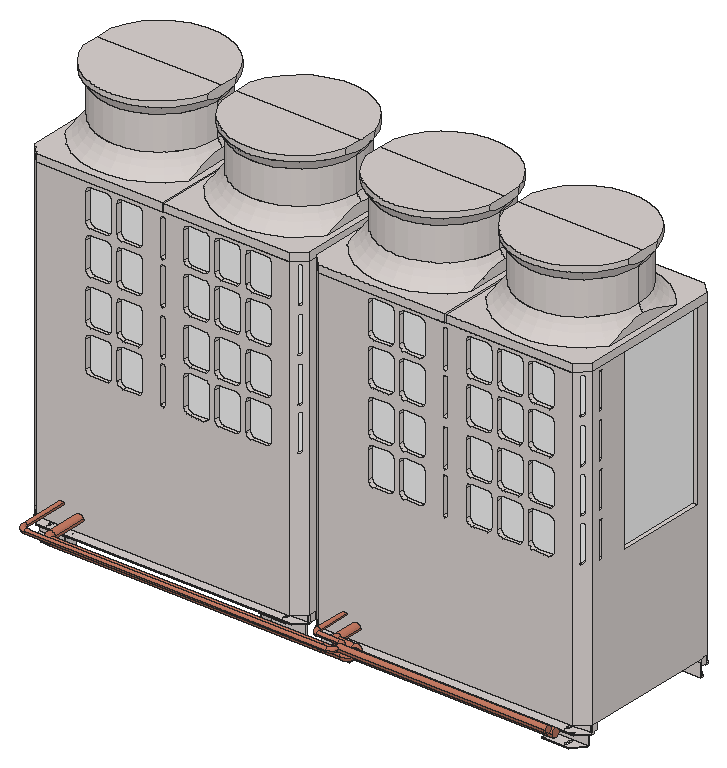
Revit family "PURY-EP700YSNW-A1", category 機械設備, Revit 2016
Family settings
  パーツ タイプ = 標準
  丸型コネクタ寸法 = 半径を使用
  OmniClass 番号 = 23.75.00.00
  OmniClass タイトル = Climate Control (HVAC)
  作業面に基づく = いいえ
  常に垂直 = はい
  ロード時にボイドで切り取り = いいえ
  共有 = いいえ
  部屋の計算ポイント = いいえ
Parameters (values of type "PURY-EP700YSNW-A1_415V_60Hz")
  WarrantyStart = ""
  Temp. range of cooling (Outdoor temp.) (D.B.) = "-5.0 to 52.0"
  Temp. range of cooling (Indoor temp.) (W.B.) = "15.0 to 24.0"
  TagNumber = 0
  SerialNumber = 0
  ReplacementYear = ""
  Outdoor unit 2 Breaker size (A) = 40
  Outdoor unit 1 Breaker size (A) = 40
  Note_1 = "Refrigerant pipe diameters may change depending on the installation condition. Please refer to the installation manual."
  モデル = "PURY-EP700YSNW-A1"
  Width = 2510.000 mm
  Voltage = 415 V
  Unit Weight (kg) = 550
  URL = "http://www.mitsubishielectric.com/"
  Temp. range of heating (Outdoor temp.) (W.B.) = "-20.0 to 15.5"
  Temp. range of heating (Indoor temp.) (D.B.) = "15.0 to 27.0"
  Subcategory = "HVAC"
  Space View = yes
  Sound Pressure Level (dB(A)) Heating mode = 67
  Sound Pressure Level (dB(A)) Cooling mode = 65.5
  Refrigerant type = "R410A"
  Refrigerant Charge (kg) = 16
  Protection Devices_Inverter circuit (COMP./FAN) = "Over-current protection"
  Protection Devices_High pressure (MPa) = "High pressure sensor, High pressure switch at 4.15"
  Phase = 3
  製造元 = "Mitsubishi Electric Corporation"
  Outdoor unit 2 = PURY-EP350YNW-A1 : PURY-EP350YNW-A1
  Outdoor unit 1 = PURY-EP350YNW-A1 : PURY-EP350YNW-A1
  Maximum Circuit Ampacity (A) = 48.8
  Low pressure pipe_radius = 17.465 mm
  InstallationDate = "0"
  Indoor Unit Total Capacity = "50 to 150% of outdoor unit capacity"
  Indoor Unit Model/Quantity = "P10 to P250/2 to 50"
  High pressure pipe_radius = 14.290 mm
  Hertz = 60 Hz
  Height = 1858.000 mm
  Heating SCOP (kW/kW) = 3.99
  Heating Rated Load Ampacity (A) = 34.5
  Heating Power Input (kW) = 22.33
  Heating Power Input (Nominal) (kW) = 19.04
  Heating Current Input (Nominal) (A) = 29.4
  Heating Current Input (A) = 34.5
  Heating Capacity (kW) = 88
  Heating Capacity (Nominal) (kW) = 80
  Heating COP (kW/kW) = 3.94
  Heating COP (Nominal) (kW/kW) = 4.2
  Fan_Type = "Propeller Fan"
  Fan_Quantity = 4
  Fan Motor Output (kW) = 1.84
  External static pressure (Pa) = 0
  External Finish = "Pre-coated galvanized steel sheets (+powder coating for -BS type) <MUNSELL 5Y 8/1 or similar>"
  Equip_description = "0"
  Equip_No. = 0
  Equip_ID = "0"
  Description = "0"
  Depth = 740.000 mm
  CreatedOn = "0"
  CreatedBy = "0"
  Cooling SEER (kW/kW) = 6.52
  Cooling Rated Load Ampacity (A) = 31.7
  Cooling Power Input (kW) = 20.56
  Cooling EER (kW/kW) = 3.89
  Cooling Current Input (A) = 31.7
  Cooling Capacity (kW) = 80
  Compressor_Type = "Inverter scroll hermetic compressor"
  Compressor_Quantity = 2
  Compressor_Lubricant = "MEL32"
  Compressor Motor Output (kW) = 17.4
  Category = "0"
  Barcode = "0"
  AssetIdentifier = "0"
  Airflow Rate (m3/min) = 500
  Airflow Rate (m3/h) = 30000
Reference planes
  plane 1 "Center (Front/Back)": y = 0
  plane 2: z = 0
  plane 3 "Center (Left/Right)": x = 0
  plane 4: y = 370
  plane 5 "front": y = -370
  plane 6: x = -1255
  plane 7: x = 1255
  plane 8: x = 15
  plane 9: x = -15
  plane 10: z = 1858
Forms (mm)
  Sweep 1, solid, material "Copper"
    path origin (1017.215, -4.248, 187) x (0, -1, 0) y (1, 0, 0)
      loop
        line (360, -2112.386) -> (570, -2112.386)
        arc (570, -2112.386) -> (591.213, -2103.6) -> (600, -2082.386) r 30
        line (600, -2082.386) -> (600, -725.507)
        arc (600, -725.507) -> (594.142, -711.365) -> (580, -705.507) r 20
        line (580, -705.507) -> (552.385, -705.507)
        arc (552.385, -705.507) -> (538.243, -711.365) -> (532.385, -725.507) r 20
        line (532.385, -725.507) -> (532.385, -821.501)
        arc (532.385, -821.501) -> (526.527, -835.643) -> (512.385, -841.501) r 20
        line (512.385, -841.501) -> (357.385, -841.501)
    profile origin (-1095.172, -469.248, 187) x (1, 0, 0) y (0, 0, 1)
      loop
        circle (0, 0) r 9.525
  Sweep 2, solid, material "Copper"
    path origin (1039.386, -4.248, 155) x (0, -1, 0) y (1, 0, 0)
      loop
        line (360, -2053) -> (525, -2053)
        arc (525, -2053) -> (546.213, -2044.213) -> (555, -2023) r 30
        line (555, -2023) -> (555, -800.253) -> (555, -715.253)
        arc (555, -715.253) -> (549.142, -701.111) -> (535, -695.253) r 20
        line (535, -695.253) -> (510, -695.253)
        arc (510, -695.253) -> (495.858, -701.111) -> (490, -715.253) r 20
        line (490, -715.253) -> (490, -786.253)
        arc (490, -786.253) -> (484.142, -800.395) -> (470, -806.253) r 20
        line (470, -806.253) -> (360, -806.253)
    profile origin (-1013.614, -446.748, 155) x (1, 0, 0) y (0, 0, 1)
      loop
        circle (0, 0) r 17.465
  Sweep 3, solid, material "Copper"
    path origin (934.386, -4.248, 187) x (0, -1, 0) y (1, 0, 0)
      loop
        line (565.96, -620) -> (565.96, 320.614)
    profile origin (784.693, -570.208, 187) x (0, 1, 0) y (0, 0, 1)
      loop
        circle (0, 0) r 14.29
  Sweep 4, solid, material "Copper"
    path origin (934.386, -4.248, 155.027) x (-1, 0, 0) y (0, -1, 0)
      loop
        line (585, 523.84) -> (-320, 523.84)
    profile origin (801.886, -528.088, 155.027) x (0, 1, 0) y (0, 0, 1)
      loop
        circle (0, 0) r 17.465
Dimensions and locks
  nested 1 to nested 1 = 1240.000 mm
  nested 1 to nested 2 to nested 2 = 30.000 mm, 1240.000 mm
  "High pressure pipe_radius": radius of Sweep 3 sketch curve
  "Low pressure pipe_radius": radius of Sweep 4 sketch curve
  aligned and locked: level to plane 2
Automatic sketch dimensions
  Sweep 1 sketch curve to plane 5 "front" = 8.366 mm
  Sweep 1 sketch curve to plane 5 "front" = 5.752 mm
  plane 5 "front" to Sweep 1 sketch curve = 146.634 mm
  Sweep 1 sketch curve to Sweep 1 sketch curve = 20.000 mm  (x2)
  plane 5 "front" to Sweep 1 sketch curve = 204.248 mm
  Sweep 1 sketch curve to Sweep 1 sketch curve = 27.615 mm
  Sweep 1 sketch curve to Sweep 1 sketch curve = 30.000 mm
  plane 6 to Sweep 1 sketch curve = 159.828 mm
  plane 3 "Center (Left/Right)" to Sweep 1 sketch curve = 175.714 mm
  Sweep 1 sketch curve to Sweep 1 sketch curve = 95.994 mm
  profile plane to Sweep 1 sketch curve = 0.000 mm
  Sweep 1 sketch curve to profile plane = 0.000 mm
  Sweep 2 sketch curve to plane 5 "front" = 5.752 mm  (x2)
  plane 5 "front" to Sweep 2 sketch curve = 104.248 mm
  Sweep 2 sketch curve to Sweep 2 sketch curve = 20.000 mm  (x3)
  plane 5 "front" to Sweep 2 sketch curve = 159.248 mm
  Sweep 2 sketch curve to Sweep 2 sketch curve = 25.000 mm
  plane 6 to Sweep 2 sketch curve = 241.386 mm
  plane 3 "Center (Left/Right)" to Sweep 2 sketch curve = 239.134 mm
  Sweep 2 sketch curve to Sweep 2 sketch curve = 6.000 mm
  Sweep 2 sketch curve to Sweep 2 sketch curve = 71.000 mm
  profile plane to Sweep 2 sketch curve = 0.000 mm
  Sweep 2 sketch curve to profile plane = 0.000 mm
  Sweep 3 sketch curve to plane 7 = 0.000 mm
  plane 5 "front" to Sweep 3 sketch curve = 200.208 mm
  plane 8 to Sweep 3 sketch curve = 299.386 mm
  Sweep 4 sketch curve to plane 7 = 0.614 mm
  plane 5 "front" to Sweep 4 sketch curve = 158.088 mm
  plane 8 to Sweep 4 sketch curve = 334.386 mm
  Sweep 3 sketch curve to profile plane = 0.000 mm  (x2)
  Sweep 4 sketch curve to profile plane = 0.000 mm  (x2)
  radius of Sweep 1 sketch curve = 9.525 mm
  radius of Sweep 2 sketch curve = 17.465 mm
Nested families
  nested 1: "PURY-EP350YNW-A1" at (-635, 0, 0), type <- "Outdoor unit 1", type "PURY-EP350YNW-A1"
  nested 2: "PURY-EP350YNW-A1" at (635, 0, 0), type <- "Outdoor unit 2", type "PURY-EP350YNW-A1"
Connectors
  piping at (1254.386, -528.088, 155.027), diameter 34.93, driven by "Low pressure pipe_radius"
    settings: on Sweep 4, index 1, connector inside diameter 34.93 mm, connector length 0.000 mm, flow factor 0, pipe flow 0.0 L/s, pressure drop 0.0 Pa, fitting loss kfactor 0, connector angle 0.00°, fixture units 0, engagement length 0.000 mm, angle of deflection 0.00°, flow configuration 0, flow direction 0, fitting loss method 0, system type 22, joint type 0, gender type 0, connector reference index -1, connector utility 0, adjustable connector no, is connector primary yes, connector description "BC controller-Twinning pipe(Low pressure)"
  piping at (1255, -570.208, 187), diameter 28.58, driven by "High pressure pipe_radius"
    settings: on Sweep 3, index 2, connector inside diameter 28.58 mm, connector length 0.000 mm, flow factor 0, pipe flow 0.0 L/s, pressure drop 0.0 Pa, fitting loss kfactor 0, connector angle 0.00°, fixture units 0, engagement length 0.000 mm, angle of deflection 0.00°, flow configuration 0, flow direction 0, fitting loss method 0, system type 22, joint type 0, gender type 0, connector reference index -1, connector utility 0, adjustable connector no, is connector primary no, connector description "BC controller-Twinning pipe(High pressure)"
  electrical at (319, -370, 280), driven by "Phase", driven by "Voltage"
    settings: index 4, voltage 415 V, apparent load 0 VA, apparent load phase1 0 VA, apparent load phase2 0 VA, apparent load phase3 0 VA, power factor 1, load classification "HVAC", number of poles 3, system type 30, power factor state 1, is connector primary yes, connector utility no, sub classification motor no, connector description ""
  electrical at (-633, -370, 280), driven by "Phase", driven by "Voltage"
    settings: index 5, voltage 415 V, apparent load 0 VA, apparent load phase1 0 VA, apparent load phase2 0 VA, apparent load phase3 0 VA, power factor 1, load classification "HVAC", number of poles 3, system type 30, power factor state 1, is connector primary no, connector utility no, sub classification motor no, connector description ""
Definition of nested family "PURY-EP350YNW-A1"
  Parameters
    Model = "PUHY-P350YNW-A"
    URL = "http://www.mitsubishielectric.com/"
    Manufacturer = "Mitsubishi Electric Corporation"
    Liquid pipe_radius = 12.700 mm
    Gas pipe_radius = 14.290 mm
  Reference planes
    plane 1 "Center (Front/Back)": y = 0
    plane 2: z = 0
    plane 3 "Center (Left/Right)": x = 0
    plane 4: y = 370
    plane 5: z = 1858
    plane 6: y = -260
    plane 7: y = -204
    plane 8: y = -185
    plane 9: x = -620
    plane 10: x = 620
    plane 11: x = -620
    plane 12: z = 716
    plane 13: x = -524
    plane 14: z = 669
    plane 15: x = -50.5
    plane 16: x = 51
    plane 17: x = 489
    plane 18: x = 467
    plane 19 "132": x = 488
    plane 20 "100": z = 160
    plane 21: z = 185
    plane 22: x = 413
    plane 23: x = 364
    plane 24: z = 150
    plane 25: x = -287.25
    plane 26: x = -137.25
    plane 27: x = -272.25
    plane 28: y = -278
    plane 29: z = 1509
    plane 30: y = -370
    plane 31: x = -530
    plane 32: x = 530
    plane 33 "179": y = -191
  Forms (mm)
    Extrusion 1, solid
      sketch origin (-1, 0, 113) x (-1, 0, 0) y (0, -1, 0)
        loop
          line (569, -370) -> (619, -320) -> (619, 320) -> (569, 370) -> (-571, 370) -> (-621, 320) -> (-621, -320) -> (-571, -370) -> (569, -370)
      from -18 to 1408
    Extrusion 2, void
      sketch origin (524, -370, 113) x (1, 0, 0) y (0, 0, -1)
        loop
          arc (-60.8, -1393.5) -> (-42.557, -1385.943) -> (-35, -1367.7) r 25.8
          line (-35, -1367.7) -> (-35, -1248.5)
          arc (-35, -1248.5) -> (-42.557, -1230.257) -> (-60.8, -1222.7) r 25.8
          line (-60.8, -1222.7) -> (-126, -1222.7)
          arc (-126, -1222.7) -> (-144.243, -1230.257) -> (-151.8, -1248.5) r 25.8
          line (-151.8, -1248.5) -> (-151.8, -1367.7)
          arc (-151.8, -1367.7) -> (-144.243, -1385.943) -> (-126, -1393.5) r 25.8
          line (-126, -1393.5) -> (-60.8, -1393.5)
      from 0 to 20
    Extrusion 3, void
      sketch origin (524, -370, -81) x (1, 0, 0) y (0, 0, -1)
        loop
          arc (-60.8, -1393.5) -> (-42.557, -1385.943) -> (-35, -1367.7) r 25.8
          line (-35, -1367.7) -> (-35, -1248.5)
          arc (-35, -1248.5) -> (-42.557, -1230.257) -> (-60.8, -1222.7) r 25.8
          line (-60.8, -1222.7) -> (-126, -1222.7)
          arc (-126, -1222.7) -> (-144.243, -1230.257) -> (-151.8, -1248.5) r 25.8
          line (-151.8, -1248.5) -> (-151.8, -1367.7)
          arc (-151.8, -1367.7) -> (-144.243, -1385.943) -> (-126, -1393.5) r 25.8
          line (-126, -1393.5) -> (-60.8, -1393.5)
      from 0 to 20
    Extrusion 4, void
      sketch origin (524, -370, -287) x (1, 0, 0) y (0, 0, -1)
        loop
          arc (-60.8, -1393.5) -> (-42.557, -1385.943) -> (-35, -1367.7) r 25.8
          line (-35, -1367.7) -> (-35, -1248.5)
          arc (-35, -1248.5) -> (-42.557, -1230.257) -> (-60.8, -1222.7) r 25.8
          line (-60.8, -1222.7) -> (-126, -1222.7)
          arc (-126, -1222.7) -> (-144.243, -1230.257) -> (-151.8, -1248.5) r 25.8
          line (-151.8, -1248.5) -> (-151.8, -1367.7)
          arc (-151.8, -1367.7) -> (-144.243, -1385.943) -> (-126, -1393.5) r 25.8
          line (-126, -1393.5) -> (-60.8, -1393.5)
      from 0 to 20
    Extrusion 5, void
      sketch origin (524, -370, -481) x (1, 0, 0) y (0, 0, -1)
        loop
          arc (-60.8, -1393.5) -> (-42.557, -1385.943) -> (-35, -1367.7) r 25.8
          line (-35, -1367.7) -> (-35, -1248.5)
          arc (-35, -1248.5) -> (-42.557, -1230.257) -> (-60.8, -1222.7) r 25.8
          line (-60.8, -1222.7) -> (-126, -1222.7)
          arc (-126, -1222.7) -> (-144.243, -1230.257) -> (-151.8, -1248.5) r 25.8
          line (-151.8, -1248.5) -> (-151.8, -1367.7)
          arc (-151.8, -1367.7) -> (-144.243, -1385.943) -> (-126, -1393.5) r 25.8
          line (-126, -1393.5) -> (-60.8, -1393.5)
      from 0 to 20
    Extrusion 6, void
      sketch origin (384, -370, 113) x (1, 0, 0) y (0, 0, -1)
        loop
          arc (-60.8, -1393.5) -> (-42.557, -1385.943) -> (-35, -1367.7) r 25.8
          line (-35, -1367.7) -> (-35, -1248.5)
          arc (-35, -1248.5) -> (-42.557, -1230.257) -> (-60.8, -1222.7) r 25.8
          line (-60.8, -1222.7) -> (-126, -1222.7)
          arc (-126, -1222.7) -> (-144.243, -1230.257) -> (-151.8, -1248.5) r 25.8
          line (-151.8, -1248.5) -> (-151.8, -1367.7)
          arc (-151.8, -1367.7) -> (-144.243, -1385.943) -> (-126, -1393.5) r 25.8
          line (-126, -1393.5) -> (-60.8, -1393.5)
      from 0 to 20
    Extrusion 7, void
      sketch origin (384, -370, -81) x (1, 0, 0) y (0, 0, -1)
        loop
          arc (-60.8, -1393.5) -> (-42.557, -1385.943) -> (-35, -1367.7) r 25.8
          line (-35, -1367.7) -> (-35, -1248.5)
          arc (-35, -1248.5) -> (-42.557, -1230.257) -> (-60.8, -1222.7) r 25.8
          line (-60.8, -1222.7) -> (-126, -1222.7)
          arc (-126, -1222.7) -> (-144.243, -1230.257) -> (-151.8, -1248.5) r 25.8
          line (-151.8, -1248.5) -> (-151.8, -1367.7)
          arc (-151.8, -1367.7) -> (-144.243, -1385.943) -> (-126, -1393.5) r 25.8
          line (-126, -1393.5) -> (-60.8, -1393.5)
      from 0 to 20
    Extrusion 8, void
      sketch origin (384, -370, -287) x (1, 0, 0) y (0, 0, -1)
        loop
          arc (-60.8, -1393.5) -> (-42.557, -1385.943) -> (-35, -1367.7) r 25.8
          line (-35, -1367.7) -> (-35, -1248.5)
          arc (-35, -1248.5) -> (-42.557, -1230.257) -> (-60.8, -1222.7) r 25.8
          line (-60.8, -1222.7) -> (-126, -1222.7)
          arc (-126, -1222.7) -> (-144.243, -1230.257) -> (-151.8, -1248.5) r 25.8
          line (-151.8, -1248.5) -> (-151.8, -1367.7)
          arc (-151.8, -1367.7) -> (-144.243, -1385.943) -> (-126, -1393.5) r 25.8
          line (-126, -1393.5) -> (-60.8, -1393.5)
      from 0 to 20
    Extrusion 9, void
      sketch origin (384, -370, -481) x (1, 0, 0) y (0, 0, -1)
        loop
          arc (-60.8, -1393.5) -> (-42.557, -1385.943) -> (-35, -1367.7) r 25.8
          line (-35, -1367.7) -> (-35, -1248.5)
          arc (-35, -1248.5) -> (-42.557, -1230.257) -> (-60.8, -1222.7) r 25.8
          line (-60.8, -1222.7) -> (-126, -1222.7)
          arc (-126, -1222.7) -> (-144.243, -1230.257) -> (-151.8, -1248.5) r 25.8
          line (-151.8, -1248.5) -> (-151.8, -1367.7)
          arc (-151.8, -1367.7) -> (-144.243, -1385.943) -> (-126, -1393.5) r 25.8
          line (-126, -1393.5) -> (-60.8, -1393.5)
      from 0 to 20
    Extrusion 10, void
      sketch origin (244, -370, 113) x (1, 0, 0) y (0, 0, -1)
        loop
          arc (-60.8, -1393.5) -> (-42.557, -1385.943) -> (-35, -1367.7) r 25.8
          line (-35, -1367.7) -> (-35, -1248.5)
          arc (-35, -1248.5) -> (-42.557, -1230.257) -> (-60.8, -1222.7) r 25.8
          line (-60.8, -1222.7) -> (-126, -1222.7)
          arc (-126, -1222.7) -> (-144.243, -1230.257) -> (-151.8, -1248.5) r 25.8
          line (-151.8, -1248.5) -> (-151.8, -1367.7)
          arc (-151.8, -1367.7) -> (-144.243, -1385.943) -> (-126, -1393.5) r 25.8
          line (-126, -1393.5) -> (-60.8, -1393.5)
      from 0 to 20
    Extrusion 11, void
      sketch origin (244, -370, -81) x (1, 0, 0) y (0, 0, -1)
        loop
          arc (-60.8, -1393.5) -> (-42.557, -1385.943) -> (-35, -1367.7) r 25.8
          line (-35, -1367.7) -> (-35, -1248.5)
          arc (-35, -1248.5) -> (-42.557, -1230.257) -> (-60.8, -1222.7) r 25.8
          line (-60.8, -1222.7) -> (-126, -1222.7)
          arc (-126, -1222.7) -> (-144.243, -1230.257) -> (-151.8, -1248.5) r 25.8
          line (-151.8, -1248.5) -> (-151.8, -1367.7)
          arc (-151.8, -1367.7) -> (-144.243, -1385.943) -> (-126, -1393.5) r 25.8
          line (-126, -1393.5) -> (-60.8, -1393.5)
      from 0 to 20
    Extrusion 12, void
      sketch origin (244, -370, -287) x (1, 0, 0) y (0, 0, -1)
        loop
          arc (-60.8, -1393.5) -> (-42.557, -1385.943) -> (-35, -1367.7) r 25.8
          line (-35, -1367.7) -> (-35, -1248.5)
          arc (-35, -1248.5) -> (-42.557, -1230.257) -> (-60.8, -1222.7) r 25.8
          line (-60.8, -1222.7) -> (-126, -1222.7)
          arc (-126, -1222.7) -> (-144.243, -1230.257) -> (-151.8, -1248.5) r 25.8
          line (-151.8, -1248.5) -> (-151.8, -1367.7)
          arc (-151.8, -1367.7) -> (-144.243, -1385.943) -> (-126, -1393.5) r 25.8
          line (-126, -1393.5) -> (-60.8, -1393.5)
      from 0 to 20
    Extrusion 13, void
      sketch origin (244, -370, -481) x (1, 0, 0) y (0, 0, -1)
        loop
          arc (-60.8, -1393.5) -> (-42.557, -1385.943) -> (-35, -1367.7) r 25.8
          line (-35, -1367.7) -> (-35, -1248.5)
          arc (-35, -1248.5) -> (-42.557, -1230.257) -> (-60.8, -1222.7) r 25.8
          line (-60.8, -1222.7) -> (-126, -1222.7)
          arc (-126, -1222.7) -> (-144.243, -1230.257) -> (-151.8, -1248.5) r 25.8
          line (-151.8, -1248.5) -> (-151.8, -1367.7)
          arc (-151.8, -1367.7) -> (-144.243, -1385.943) -> (-126, -1393.5) r 25.8
          line (-126, -1393.5) -> (-60.8, -1393.5)
      from 0 to 20
    Extrusion 14, void
      sketch origin (-56, -370, 113) x (1, 0, 0) y (0, 0, -1)
        loop
          arc (-60.8, -1393.5) -> (-42.557, -1385.943) -> (-35, -1367.7) r 25.8
          line (-35, -1367.7) -> (-35, -1248.5)
          arc (-35, -1248.5) -> (-42.557, -1230.257) -> (-60.8, -1222.7) r 25.8
          line (-60.8, -1222.7) -> (-126, -1222.7)
          arc (-126, -1222.7) -> (-144.243, -1230.257) -> (-151.8, -1248.5) r 25.8
          line (-151.8, -1248.5) -> (-151.8, -1367.7)
          arc (-151.8, -1367.7) -> (-144.243, -1385.943) -> (-126, -1393.5) r 25.8
          line (-126, -1393.5) -> (-60.8, -1393.5)
      from 0 to 20
    Extrusion 15, void
      sketch origin (-56, -370, -81) x (1, 0, 0) y (0, 0, -1)
        loop
          arc (-60.8, -1393.5) -> (-42.557, -1385.943) -> (-35, -1367.7) r 25.8
          line (-35, -1367.7) -> (-35, -1248.5)
          arc (-35, -1248.5) -> (-42.557, -1230.257) -> (-60.8, -1222.7) r 25.8
          line (-60.8, -1222.7) -> (-126, -1222.7)
          arc (-126, -1222.7) -> (-144.243, -1230.257) -> (-151.8, -1248.5) r 25.8
          line (-151.8, -1248.5) -> (-151.8, -1367.7)
          arc (-151.8, -1367.7) -> (-144.243, -1385.943) -> (-126, -1393.5) r 25.8
          line (-126, -1393.5) -> (-60.8, -1393.5)
      from 0 to 20
    Extrusion 16, void
      sketch origin (-56, -370, -287) x (1, 0, 0) y (0, 0, -1)
        loop
          arc (-60.8, -1393.5) -> (-42.557, -1385.943) -> (-35, -1367.7) r 25.8
          line (-35, -1367.7) -> (-35, -1248.5)
          arc (-35, -1248.5) -> (-42.557, -1230.257) -> (-60.8, -1222.7) r 25.8
          line (-60.8, -1222.7) -> (-126, -1222.7)
          arc (-126, -1222.7) -> (-144.243, -1230.257) -> (-151.8, -1248.5) r 25.8
          line (-151.8, -1248.5) -> (-151.8, -1367.7)
          arc (-151.8, -1367.7) -> (-144.243, -1385.943) -> (-126, -1393.5) r 25.8
          line (-126, -1393.5) -> (-60.8, -1393.5)
      from 0 to 20
    Extrusion 17, void
      sketch origin (-56, -370, -481) x (1, 0, 0) y (0, 0, -1)
        loop
          arc (-60.8, -1393.5) -> (-42.557, -1385.943) -> (-35, -1367.7) r 25.8
          line (-35, -1367.7) -> (-35, -1248.5)
          arc (-35, -1248.5) -> (-42.557, -1230.257) -> (-60.8, -1222.7) r 25.8
          line (-60.8, -1222.7) -> (-126, -1222.7)
          arc (-126, -1222.7) -> (-144.243, -1230.257) -> (-151.8, -1248.5) r 25.8
          line (-151.8, -1248.5) -> (-151.8, -1367.7)
          arc (-151.8, -1367.7) -> (-144.243, -1385.943) -> (-126, -1393.5) r 25.8
          line (-126, -1393.5) -> (-60.8, -1393.5)
      from 0 to 20
    Extrusion 18, void
      sketch origin (-196, -370, 113) x (1, 0, 0) y (0, 0, -1)
        loop
          arc (-60.8, -1393.5) -> (-42.557, -1385.943) -> (-35, -1367.7) r 25.8
          line (-35, -1367.7) -> (-35, -1248.5)
          arc (-35, -1248.5) -> (-42.557, -1230.257) -> (-60.8, -1222.7) r 25.8
          line (-60.8, -1222.7) -> (-126, -1222.7)
          arc (-126, -1222.7) -> (-144.243, -1230.257) -> (-151.8, -1248.5) r 25.8
          line (-151.8, -1248.5) -> (-151.8, -1367.7)
          arc (-151.8, -1367.7) -> (-144.243, -1385.943) -> (-126, -1393.5) r 25.8
          line (-126, -1393.5) -> (-60.8, -1393.5)
      from 0 to 20
    Extrusion 19, void
      sketch origin (-196, -370, -81) x (1, 0, 0) y (0, 0, -1)
        loop
          arc (-60.8, -1393.5) -> (-42.557, -1385.943) -> (-35, -1367.7) r 25.8
          line (-35, -1367.7) -> (-35, -1248.5)
          arc (-35, -1248.5) -> (-42.557, -1230.257) -> (-60.8, -1222.7) r 25.8
          line (-60.8, -1222.7) -> (-126, -1222.7)
          arc (-126, -1222.7) -> (-144.243, -1230.257) -> (-151.8, -1248.5) r 25.8
          line (-151.8, -1248.5) -> (-151.8, -1367.7)
          arc (-151.8, -1367.7) -> (-144.243, -1385.943) -> (-126, -1393.5) r 25.8
          line (-126, -1393.5) -> (-60.8, -1393.5)
      from 0 to 20
    Extrusion 20, void
      sketch origin (-196, -370, -287) x (1, 0, 0) y (0, 0, -1)
        loop
          arc (-60.8, -1393.5) -> (-42.557, -1385.943) -> (-35, -1367.7) r 25.8
          line (-35, -1367.7) -> (-35, -1248.5)
          arc (-35, -1248.5) -> (-42.557, -1230.257) -> (-60.8, -1222.7) r 25.8
          line (-60.8, -1222.7) -> (-126, -1222.7)
          arc (-126, -1222.7) -> (-144.243, -1230.257) -> (-151.8, -1248.5) r 25.8
          line (-151.8, -1248.5) -> (-151.8, -1367.7)
          arc (-151.8, -1367.7) -> (-144.243, -1385.943) -> (-126, -1393.5) r 25.8
          line (-126, -1393.5) -> (-60.8, -1393.5)
      from 0 to 20
    Extrusion 21, void
      sketch origin (-196, -370, -481) x (1, 0, 0) y (0, 0, -1)
        loop
          arc (-60.8, -1393.5) -> (-42.557, -1385.943) -> (-35, -1367.7) r 25.8
          line (-35, -1367.7) -> (-35, -1248.5)
          arc (-35, -1248.5) -> (-42.557, -1230.257) -> (-60.8, -1222.7) r 25.8
          line (-60.8, -1222.7) -> (-126, -1222.7)
          arc (-126, -1222.7) -> (-144.243, -1230.257) -> (-151.8, -1248.5) r 25.8
          line (-151.8, -1248.5) -> (-151.8, -1367.7)
          arc (-151.8, -1367.7) -> (-144.243, -1385.943) -> (-126, -1393.5) r 25.8
          line (-126, -1393.5) -> (-60.8, -1393.5)
      from 0 to 20
    Extrusion 22, void
      sketch origin (620, 320, 113) x (0, 1, 0) y (0, 0, -1)
        loop
          line (-462.3, -1408) -> (-50.8, -1408) -> (-50.8, -612) -> (-462.3, -612) -> (-462.3, -1408)
      from 0 to 20
    Extrusion 23, void
      sketch origin (-620, -320, 113) x (0, -1, 0) y (0, 0, -1)
        loop
          line (-535.7, -1408) -> (-207.7, -1408) -> (-207.7, -592) -> (-535.7, -592) -> (-535.7, -1408)
      from 0 to 20
    Extrusion 24, void
      sketch origin (194.892, 370, 113) x (-1, 0, 0) y (0, 0, -1)
        loop
          arc (204.892, -1225.013) -> (194.892, -1215.013) -> (184.892, -1225.013) r 10
          line (184.892, -1225.013) -> (184.892, -1379.987)
          arc (184.892, -1379.987) -> (194.892, -1389.987) -> (204.892, -1379.987) r 10
          line (204.892, -1379.987) -> (204.892, -1225.013)
        loop
          arc (204.892, -1031.013) -> (194.892, -1021.013) -> (184.892, -1031.013) r 10
          line (184.892, -1031.013) -> (184.892, -1185.987)
          arc (184.892, -1185.987) -> (194.892, -1195.987) -> (204.892, -1185.987) r 10
          line (204.892, -1185.987) -> (204.892, -1031.013)
        loop
          arc (204.892, -825.013) -> (194.892, -815.013) -> (184.892, -825.013) r 10
          line (184.892, -825.013) -> (184.892, -979.987)
          arc (184.892, -979.987) -> (194.892, -989.987) -> (204.892, -979.987) r 10
          line (204.892, -979.987) -> (204.892, -825.013)
        loop
          arc (204.892, -631.013) -> (194.892, -621.013) -> (184.892, -631.013) r 10
          line (184.892, -631.013) -> (184.892, -785.987)
          arc (184.892, -785.987) -> (194.892, -795.987) -> (204.892, -785.987) r 10
          line (204.892, -785.987) -> (204.892, -631.013)
      from 0 to 20
    Extrusion 25, void
      sketch origin (-570, 370, 113) x (0.707107, 0.707107, 0) y (0, 0, 1)
        loop
          arc (-45.355, 1236) -> (-35.355, 1226) -> (-25.355, 1236) r 10
          line (-25.355, 1236) -> (-25.355, 1386)
          arc (-25.355, 1386) -> (-35.355, 1396) -> (-45.355, 1386) r 10
          line (-45.355, 1386) -> (-45.355, 1236)
        loop
          arc (-45.355, 1036) -> (-35.355, 1026) -> (-25.355, 1036) r 10
          line (-25.355, 1036) -> (-25.355, 1186)
          arc (-25.355, 1186) -> (-35.355, 1196) -> (-45.355, 1186) r 10
          line (-45.355, 1186) -> (-45.355, 1036)
        loop
          arc (-45.355, 836) -> (-35.355, 826) -> (-25.355, 836) r 10
          line (-25.355, 836) -> (-25.355, 986)
          arc (-25.355, 986) -> (-35.355, 996) -> (-45.355, 986) r 10
          line (-45.355, 986) -> (-45.355, 836)
        loop
          arc (-45.355, 641) -> (-35.355, 631) -> (-25.355, 641) r 10
          line (-25.355, 641) -> (-25.355, 791)
          arc (-25.355, 791) -> (-35.355, 801) -> (-45.355, 791) r 10
          line (-45.355, 791) -> (-45.355, 641)
      from 0 to 20
    Extrusion 26, void
      sketch origin (-620, -320, 113) x (0, -1, 0) y (0, 0, -1)
        loop
          line (-607.846, -1035.895) -> (-607.846, -1186.105)
          arc (-607.846, -1186.105) -> (-597.846, -1196.105) -> (-587.846, -1186.105) r 10
          line (-587.846, -1186.105) -> (-587.846, -1035.895)
          arc (-587.846, -1035.895) -> (-597.846, -1025.895) -> (-607.846, -1035.895) r 10
        loop
          line (-607.846, -835.895) -> (-607.846, -986.105)
          arc (-607.846, -986.105) -> (-597.846, -996.105) -> (-587.846, -986.105) r 10
          line (-587.846, -986.105) -> (-587.846, -835.895)
          arc (-587.846, -835.895) -> (-597.846, -825.895) -> (-607.846, -835.895) r 10
        loop
          line (-607.846, -1235.895) -> (-607.846, -1386.105)
          arc (-607.846, -1386.105) -> (-597.846, -1396.105) -> (-587.846, -1386.105) r 10
          line (-587.846, -1386.105) -> (-587.846, -1235.895)
          arc (-587.846, -1235.895) -> (-597.846, -1225.895) -> (-607.846, -1235.895) r 10
        loop
          line (-607.846, -635.895) -> (-607.846, -786.105)
          arc (-607.846, -786.105) -> (-597.846, -796.105) -> (-587.846, -786.105) r 10
          line (-587.846, -786.105) -> (-587.846, -635.895)
          arc (-587.846, -635.895) -> (-597.846, -625.895) -> (-607.846, -635.895) r 10
      from 0 to 20
    Extrusion 27, void
      sketch origin (1079, -370, 113) x (1, 0, 0) y (0, 0, -1)
        loop
          arc (-1089, -1379.975) -> (-1079, -1389.975) -> (-1069, -1379.975) r 10
          line (-1069, -1379.975) -> (-1069, -1225)
          arc (-1069, -1225) -> (-1079, -1215) -> (-1089, -1225) r 10
          line (-1089, -1225) -> (-1089, -1379.975)
        loop
          arc (-1089, -1185.975) -> (-1079, -1195.975) -> (-1069, -1185.975) r 10
          line (-1069, -1185.975) -> (-1069, -1031)
          arc (-1069, -1031) -> (-1079, -1021) -> (-1089, -1031) r 10
          line (-1089, -1031) -> (-1089, -1185.975)
        loop
          arc (-1089, -979.975) -> (-1079, -989.975) -> (-1069, -979.975) r 10
          line (-1069, -979.975) -> (-1069, -825)
          arc (-1069, -825) -> (-1079, -815) -> (-1089, -825) r 10
          line (-1089, -825) -> (-1089, -979.975)
        loop
          arc (-1089, -785.975) -> (-1079, -795.975) -> (-1069, -785.975) r 10
          line (-1069, -785.975) -> (-1069, -631)
          arc (-1069, -631) -> (-1079, -621) -> (-1089, -631) r 10
          line (-1089, -631) -> (-1089, -785.975)
      from 0 to 20
    Extrusion 28, void
      sketch origin (-571, 370, 113) x (-1, 0, 0) y (0, 0, -1)
        loop
          line (-519.5, -1408) -> (-48, -1408) -> (-48, -556) -> (-519.5, -556) -> (-519.5, -1408)
      from 0 to 20
    Extrusion 29, void
      sketch origin (-571, 370, 113) x (-1, 0, 0) y (0, 0, -1)
        loop
          line (-1038, -1408) -> (-622, -1408) -> (-622, -556) -> (-1038, -556) -> (-1038, -1408)
      from 0 to 20
    Extrusion 30, void
      sketch origin (620, 320, 113) x (0, 1, 0) y (0, 0, -1)
        loop
          arc (-588, -1035.791) -> (-598, -1025.791) -> (-608, -1035.791) r 10
          line (-608, -1035.791) -> (-608, -1186)
          arc (-608, -1186) -> (-598, -1196) -> (-588, -1186) r 10
          line (-588, -1186) -> (-588, -1035.791)
        loop
          arc (-588, -835.791) -> (-598, -825.791) -> (-608, -835.791) r 10
          line (-608, -835.791) -> (-608, -986)
          arc (-608, -986) -> (-598, -996) -> (-588, -986) r 10
          line (-588, -986) -> (-588, -835.791)
        loop
          arc (-588, -1235.791) -> (-598, -1225.791) -> (-608, -1235.791) r 10
          line (-608, -1235.791) -> (-608, -1386)
          arc (-608, -1386) -> (-598, -1396) -> (-588, -1386) r 10
          line (-588, -1386) -> (-588, -1235.791)
        loop
          arc (-588, -635.791) -> (-598, -625.791) -> (-608, -635.791) r 10
          line (-608, -635.791) -> (-608, -786)
          arc (-608, -786) -> (-598, -796) -> (-588, -786) r 10
          line (-588, -786) -> (-588, -635.791)
      from 0 to 20
    Extrusion 31, void
      sketch origin (1291.751, 351.751, 113) x (0.707107, 0.707107, 0) y (0, 0, -1)
        loop
          line (-995.311, -1236) -> (-995.311, -1386)
          arc (-995.311, -1386) -> (-985.311, -1396) -> (-975.311, -1386) r 10
          line (-975.311, -1386) -> (-975.311, -1236)
          arc (-975.311, -1236) -> (-985.311, -1226) -> (-995.311, -1236) r 10
        loop
          line (-995.311, -1036) -> (-995.311, -1186)
          arc (-995.311, -1186) -> (-985.311, -1196) -> (-975.311, -1186) r 10
          line (-975.311, -1186) -> (-975.311, -1036)
          arc (-975.311, -1036) -> (-985.311, -1026) -> (-995.311, -1036) r 10
        loop
          line (-995.311, -836) -> (-995.311, -986)
          arc (-995.311, -986) -> (-985.311, -996) -> (-975.311, -986) r 10
          line (-975.311, -986) -> (-975.311, -836)
          arc (-975.311, -836) -> (-985.311, -826) -> (-995.311, -836) r 10
        loop
          line (-995.311, -641) -> (-995.311, -791)
          arc (-995.311, -791) -> (-985.311, -801) -> (-975.311, -791) r 10
          line (-975.311, -791) -> (-975.311, -641)
          arc (-975.311, -641) -> (-985.311, -631) -> (-995.311, -641) r 10
      from 0 to 20
    Extrusion 32, void
      sketch origin (0, -191, 0) x (-1, 0, 0) y (0, 0, 1)
        loop
          circle (460, 176) r 6.35
      from 0 to 78.7
    Extrusion 33, void
      sketch origin (0, -191, 0) x (-1, 0, 0) y (0, 0, 1)
        loop
          circle (377, 176) r 14.29
      from 0 to 78.7
  Cuts and joins
    Extrusion 2, Extrusion 3, Extrusion 4, Extrusion 5, Extrusion 6, Extrusion 7, Extrusion 8, Extrusion 9, Extrusion 10, Extrusion 11, Extrusion 12, Extrusion 13, Extrusion 14, Extrusion 15, Extrusion 16, Extrusion 17, Extrusion 18, Extrusion 19, Extrusion 20, Extrusion 21, Extrusion 22, Extrusion 23, Extrusion 24, Extrusion 25, Extrusion 26, Extrusion 27, Extrusion 28, Extrusion 29, Extrusion 30, Extrusion 31, Extrusion 32, Extrusion 33 cuts Extrusion 1
  Lines and regions (mm)
    model lines
      curve 1: line (-351, -291, 95) -> (-481, -291, 95)
      curve 2: line (-342, -206, 95) -> (-342, -282, 95)
      curve 3: line (-481, -197, 95) -> (-351, -197, 95)
      curve 4: line (-492, -280, 95) -> (-492, -208, 95)
      curve 5: arc (-492, -280, 95) -> (-488.778, -287.778, 95) -> (-481, -291, 95) r 11
      curve 6: arc (-351, -291, 95) -> (-344.636, -288.364, 95) -> (-342, -282, 95) r 9
      curve 7: arc (-342, -206, 95) -> (-344.636, -199.636, 95) -> (-351, -197, 95) r 9
      curve 8: arc (-481, -197, 95) -> (-488.778, -200.222, 95) -> (-492, -208, 95) r 11
      curve 9: line (-30, -370, 1521) -> (-30, -370, 95)
      curve 10: line (30, -370, 1521) -> (30, -370, 95)
      curve 11: line (-485, -370, 215) -> (-357, -370, 215)
      curve 12: line (-495, -370, 141) -> (-495, -370, 205)
      curve 13: line (-357, -370, 131) -> (-485, -370, 131)
      curve 14: line (-347, -370, 205) -> (-347, -370, 141)
      curve 15: arc (-485, -370, 215) -> (-492.071, -370, 212.071) -> (-495, -370, 205) r 10
      curve 16: arc (-495, -370, 141) -> (-492.071, -370, 133.929) -> (-485, -370, 131) r 10
      curve 17: arc (-357, -370, 131) -> (-349.929, -370, 133.929) -> (-347, -370, 141) r 10
      curve 18: arc (-347, -370, 205) -> (-349.929, -370, 212.071) -> (-357, -370, 215) r 10
      curve 19: line (-405, -370, 1521) -> (-405, -370, 716)
      curve 20: line (620, -162.3, 1521) -> (620, -162.3, 95)
      curve 21: line (620, 289.2, 1521) -> (620, 289.2, 95)
      curve 22: line (620, -162.3, 705) -> (620, 289.2, 705)
      curve 23: line (620, -162.3, 725) -> (620, 289.2, 725)
      curve 24: line (620, -76.8, 583) -> (620, 203.2, 583)
      curve 25: line (620, 203.2, 563) -> (620, -76.8, 563)
      curve 26: arc (620, -76.8, 583) -> (620, -83.871, 580.071) -> (620, -86.8, 573) r 10
      curve 27: arc (620, -76.8, 563) -> (620, -83.871, 565.929) -> (620, -86.8, 573) r 10
      curve 28: arc (620, 203.2, 583) -> (620, 210.271, 580.071) -> (620, 213.2, 573) r 10
      curve 29: arc (620, 203.2, 563) -> (620, 210.271, 565.929) -> (620, 213.2, 573) r 10
      curve 30: line (620, -76.8, 478) -> (620, 203.2, 478)
      curve 31: line (620, 203.2, 458) -> (620, -76.8, 458)
      curve 32: arc (620, -76.8, 478) -> (620, -83.871, 475.071) -> (620, -86.8, 468) r 10
      curve 33: arc (620, -76.8, 458) -> (620, -83.871, 460.929) -> (620, -86.8, 468) r 10
      curve 34: arc (620, 203.2, 478) -> (620, 210.271, 475.071) -> (620, 213.2, 468) r 10
      curve 35: arc (620, 203.2, 458) -> (620, 210.271, 460.929) -> (620, 213.2, 468) r 10
      curve 36: line (620, -76.8, 373) -> (620, 203.2, 373)
      curve 37: line (620, 203.2, 353) -> (620, -76.8, 353)
      curve 38: arc (620, -76.8, 373) -> (620, -83.871, 370.071) -> (620, -86.8, 363) r 10
      curve 39: arc (620, -76.8, 353) -> (620, -83.871, 355.929) -> (620, -86.8, 363) r 10
      curve 40: arc (620, 203.2, 373) -> (620, 210.271, 370.071) -> (620, 213.2, 363) r 10
      curve 41: arc (620, 203.2, 353) -> (620, 210.271, 355.929) -> (620, 213.2, 363) r 10
      curve 42: line (620, -76.8, 268) -> (620, 203.2, 268)
      curve 43: line (620, 203.2, 248) -> (620, -76.8, 248)
      curve 44: arc (620, -76.8, 268) -> (620, -83.871, 265.071) -> (620, -86.8, 258) r 10
      curve 45: arc (620, -76.8, 248) -> (620, -83.871, 250.929) -> (620, -86.8, 258) r 10
      curve 46: arc (620, 203.2, 268) -> (620, 210.271, 265.071) -> (620, 213.2, 258) r 10
      curve 47: arc (620, 203.2, 248) -> (620, 210.271, 250.929) -> (620, 213.2, 258) r 10
      curve 48: line (-620, -162.3, 1521) -> (-620, -162.3, 95)
      curve 49: line (-620, 235.7, 1521) -> (-620, 235.7, 95)
      curve 50: line (-620, -112.3, 1521) -> (-620, -112.3, 705)
      curve 51: line (-620, 215.7, 1521) -> (-620, 215.7, 705)
      curve 52: line (-620, 235.7, 705) -> (-620, -162.3, 705)
      curve 53: line (-620, 176.7, 268) -> (-620, -103.3, 268)
      curve 54: line (-620, -103.3, 248) -> (-620, 176.7, 248)
      curve 55: arc (-620, 186.7, 258) -> (-620, 183.771, 265.071) -> (-620, 176.7, 268) r 10
      curve 56: arc (-620, 176.7, 248) -> (-620, 183.771, 250.929) -> (-620, 186.7, 258) r 10
      curve 57: arc (-620, -103.3, 268) -> (-620, -110.371, 265.071) -> (-620, -113.3, 258) r 10
      curve 58: arc (-620, -113.3, 258) -> (-620, -110.371, 250.929) -> (-620, -103.3, 248) r 10
      curve 59: line (-620, 176.7, 373) -> (-620, -103.3, 373)
      curve 60: line (-620, -103.3, 353) -> (-620, 176.7, 353)
      curve 61: arc (-620, 186.7, 363) -> (-620, 183.771, 370.071) -> (-620, 176.7, 373) r 10
      curve 62: arc (-620, 176.7, 353) -> (-620, 183.771, 355.929) -> (-620, 186.7, 363) r 10
      curve 63: arc (-620, -103.3, 373) -> (-620, -110.371, 370.071) -> (-620, -113.3, 363) r 10
      curve 64: arc (-620, -113.3, 363) -> (-620, -110.371, 355.929) -> (-620, -103.3, 353) r 10
      curve 65: line (-620, 176.7, 478) -> (-620, -103.3, 478)
      curve 66: line (-620, -103.3, 458) -> (-620, 176.7, 458)
      curve 67: arc (-620, 186.7, 468) -> (-620, 183.771, 475.071) -> (-620, 176.7, 478) r 10
      curve 68: arc (-620, 176.7, 458) -> (-620, 183.771, 460.929) -> (-620, 186.7, 468) r 10
      curve 69: arc (-620, -103.3, 478) -> (-620, -110.371, 475.071) -> (-620, -113.3, 468) r 10
      curve 70: arc (-620, -113.3, 468) -> (-620, -110.371, 460.929) -> (-620, -103.3, 458) r 10
      curve 71: line (-620, 176.7, 583) -> (-620, -103.3, 583)
      curve 72: line (-620, -103.3, 563) -> (-620, 176.7, 563)
      curve 73: arc (-620, 186.7, 573) -> (-620, 183.771, 580.071) -> (-620, 176.7, 583) r 10
      curve 74: arc (-620, 176.7, 563) -> (-620, 183.771, 565.929) -> (-620, 186.7, 573) r 10
      curve 75: arc (-620, -103.3, 583) -> (-620, -110.371, 580.071) -> (-620, -113.3, 573) r 10
      curve 76: arc (-620, -113.3, 573) -> (-620, -110.371, 565.929) -> (-620, -103.3, 563) r 10
      curve 77: line (-544, 370, 1521) -> (-544, 370, 95)
      curve 78: line (489, 370, 649) -> (30, 370, 649)
      curve 79: line (-30.5, 370, 649) -> (-544, 370, 649)
      curve 80: line (-147.25, 370, 584) -> (-427.25, 370, 584)
      curve 81: line (-427.25, 370, 564) -> (-147.25, 370, 564)
      curve 82: arc (-137.25, 370, 574) -> (-140.179, 370, 581.071) -> (-147.25, 370, 584) r 10
      curve 83: arc (-147.25, 370, 564) -> (-140.179, 370, 566.929) -> (-137.25, 370, 574) r 10
      curve 84: arc (-427.25, 370, 584) -> (-434.321, 370, 581.071) -> (-437.25, 370, 574) r 10
      curve 85: arc (-437.25, 370, 574) -> (-434.321, 370, 566.929) -> (-427.25, 370, 564) r 10
      curve 86: circle (448, -185, 1521) r 15 normal (0, 0, 1)
      curve 87: circle (468, -185, 95) r 26 normal (0, 0, 1)
      curve 88: circle (448, -260, 95) r 32.5 normal (0, 0, 1)
      curve 89: circle (404, -204, 95) r 17 normal (0, 0, 1)
      curve 90: line (-550, -370, 1521) -> (-550, -370, 95)
      curve 91: line (-550, -370, 716) -> (-30, -370, 716)
      curve 92: line (550, -370, 95) -> (550, -370, 1521)
      curve 93: line (30, -370, 716) -> (550, -370, 716)
      curve 94: line (-30.5, 370, 1521) -> (-30.5, 370, 95)
      curve 95: line (30, 370, 1521) -> (30, 370, 95)
      curve 96: line (489, 370, 1521) -> (489, 370, 95)
      curve 97: line (467, 370, 669) -> (467, 370, 649)
      curve 98: line (-352, -370, 223) -> (-550, -370, 223)
      curve 99: line (-342, -370, 213) -> (-342, -370, 95)
      curve 100: arc (-342, -370, 213) -> (-344.929, -370, 220.071) -> (-352, -370, 223) r 10
      curve 101: circle (488, -370, 160) r 32.5 normal (0, -1, 0)
      curve 102: circle (488, -370, 160) r 20 normal (0, -1, 0)
      curve 103: circle (364, -370, 150) r 17 normal (0, -1, 0)
      curve 104: circle (413, -370, 185) r 26 normal (0, -1, 0)
      curve 105: circle (413, -370, 185) r 13.5 normal (0, -1, 0)
      curve 106: line (352, -370, 223) -> (550, -370, 223)
      curve 107: line (342, -370, 213) -> (342, -370, 95)
      curve 108: arc (342, -370, 213) -> (344.929, -370, 220.071) -> (352, -370, 223) r 10
      curve 109: line (-147.25, 370, 479) -> (-427.25, 370, 479)
      curve 110: line (-427.25, 370, 459) -> (-147.25, 370, 459)
      curve 111: arc (-137.25, 370, 469) -> (-140.179, 370, 476.071) -> (-147.25, 370, 479) r 10
      curve 112: arc (-147.25, 370, 459) -> (-140.179, 370, 461.929) -> (-137.25, 370, 469) r 10
      curve 113: arc (-427.25, 370, 479) -> (-434.321, 370, 476.071) -> (-437.25, 370, 469) r 10
      curve 114: arc (-437.25, 370, 469) -> (-434.321, 370, 461.929) -> (-427.25, 370, 459) r 10
      curve 115: line (-147.25, 370, 374) -> (-427.25, 370, 374)
      curve 116: line (-427.25, 370, 354) -> (-147.25, 370, 354)
      curve 117: arc (-137.25, 370, 364) -> (-140.179, 370, 371.071) -> (-147.25, 370, 374) r 10
      curve 118: arc (-147.25, 370, 354) -> (-140.179, 370, 356.929) -> (-137.25, 370, 364) r 10
      curve 119: arc (-427.25, 370, 374) -> (-434.321, 370, 371.071) -> (-437.25, 370, 364) r 10
      curve 120: arc (-437.25, 370, 364) -> (-434.321, 370, 356.929) -> (-427.25, 370, 354) r 10
      curve 121: line (-147.25, 370, 269) -> (-427.25, 370, 269)
      curve 122: line (-427.25, 370, 249) -> (-147.25, 370, 249)
      curve 123: arc (-137.25, 370, 259) -> (-140.179, 370, 266.071) -> (-147.25, 370, 269) r 10
      curve 124: arc (-147.25, 370, 249) -> (-140.179, 370, 251.929) -> (-137.25, 370, 259) r 10
      curve 125: arc (-427.25, 370, 269) -> (-434.321, 370, 266.071) -> (-437.25, 370, 259) r 10
      curve 126: arc (-437.25, 370, 259) -> (-434.321, 370, 251.929) -> (-427.25, 370, 249) r 10
      curve 127: line (399.5, 370, 584) -> (119.5, 370, 584)
      curve 128: line (119.5, 370, 564) -> (399.5, 370, 564)
      curve 129: arc (409.5, 370, 574) -> (406.571, 370, 581.071) -> (399.5, 370, 584) r 10
      curve 130: arc (399.5, 370, 564) -> (406.571, 370, 566.929) -> (409.5, 370, 574) r 10
      curve 131: arc (119.5, 370, 584) -> (112.429, 370, 581.071) -> (109.5, 370, 574) r 10
      curve 132: arc (109.5, 370, 574) -> (112.429, 370, 566.929) -> (119.5, 370, 564) r 10
      curve 133: line (399.5, 370, 479) -> (119.5, 370, 479)
      curve 134: line (119.5, 370, 459) -> (399.5, 370, 459)
      curve 135: arc (409.5, 370, 469) -> (406.571, 370, 476.071) -> (399.5, 370, 479) r 10
      curve 136: arc (399.5, 370, 459) -> (406.571, 370, 461.929) -> (409.5, 370, 469) r 10
      curve 137: arc (119.5, 370, 479) -> (112.429, 370, 476.071) -> (109.5, 370, 469) r 10
      curve 138: arc (109.5, 370, 469) -> (112.429, 370, 461.929) -> (119.5, 370, 459) r 10
      curve 139: line (399.5, 370, 374) -> (119.5, 370, 374)
      curve 140: line (119.5, 370, 354) -> (399.5, 370, 354)
      curve 141: arc (409.5, 370, 364) -> (406.571, 370, 371.071) -> (399.5, 370, 374) r 10
      curve 142: arc (399.5, 370, 354) -> (406.571, 370, 356.929) -> (409.5, 370, 364) r 10
      curve 143: arc (119.5, 370, 374) -> (112.429, 370, 371.071) -> (109.5, 370, 364) r 10
      curve 144: arc (109.5, 370, 364) -> (112.429, 370, 356.929) -> (119.5, 370, 354) r 10
      curve 145: line (399.5, 370, 269) -> (119.5, 370, 269)
      curve 146: line (119.5, 370, 249) -> (399.5, 370, 249)
      curve 147: arc (409.5, 370, 259) -> (406.571, 370, 266.071) -> (399.5, 370, 269) r 10
      curve 148: arc (399.5, 370, 249) -> (406.571, 370, 251.929) -> (409.5, 370, 259) r 10
      curve 149: arc (119.5, 370, 269) -> (112.429, 370, 266.071) -> (109.5, 370, 259) r 10
      curve 150: arc (109.5, 370, 259) -> (112.429, 370, 251.929) -> (119.5, 370, 249) r 10
      curve 151: line (399.5, -370, 584) -> (119.5, -370, 584)
      curve 152: line (119.5, -370, 564) -> (399.5, -370, 564)
      curve 153: arc (409.5, -370, 574) -> (406.571, -370, 581.071) -> (399.5, -370, 584) r 10
      curve 154: arc (399.5, -370, 564) -> (406.571, -370, 566.929) -> (409.5, -370, 574) r 10
      curve 155: arc (119.5, -370, 584) -> (112.429, -370, 581.071) -> (109.5, -370, 574) r 10
      curve 156: arc (109.5, -370, 574) -> (112.429, -370, 566.929) -> (119.5, -370, 564) r 10
      curve 157: line (399.5, -370, 479) -> (119.5, -370, 479)
      curve 158: line (119.5, -370, 459) -> (399.5, -370, 459)
      curve 159: arc (409.5, -370, 469) -> (406.571, -370, 476.071) -> (399.5, -370, 479) r 10
      curve 160: arc (399.5, -370, 459) -> (406.571, -370, 461.929) -> (409.5, -370, 469) r 10
      curve 161: arc (119.5, -370, 479) -> (112.429, -370, 476.071) -> (109.5, -370, 469) r 10
      curve 162: arc (109.5, -370, 469) -> (112.429, -370, 461.929) -> (119.5, -370, 459) r 10
      curve 163: line (399.5, -370, 374) -> (119.5, -370, 374)
      curve 164: line (119.5, -370, 354) -> (399.5, -370, 354)
      curve 165: arc (409.5, -370, 364) -> (406.571, -370, 371.071) -> (399.5, -370, 374) r 10
      curve 166: arc (399.5, -370, 354) -> (406.571, -370, 356.929) -> (409.5, -370, 364) r 10
      curve 167: arc (119.5, -370, 374) -> (112.429, -370, 371.071) -> (109.5, -370, 364) r 10
      curve 168: arc (109.5, -370, 364) -> (112.429, -370, 356.929) -> (119.5, -370, 354) r 10
      curve 169: arc (119.5, -370, 269) -> (112.429, -370, 266.071) -> (109.5, -370, 259) r 10
      curve 170: arc (109.5, -370, 259) -> (112.429, -370, 251.929) -> (119.5, -370, 249) r 10
      curve 171: line (-147.25, -370, 584) -> (-427.25, -370, 584)
      curve 172: line (-427.25, -370, 564) -> (-147.25, -370, 564)
      curve 173: arc (-137.25, -370, 574) -> (-140.179, -370, 581.071) -> (-147.25, -370, 584) r 10
      curve 174: arc (-147.25, -370, 564) -> (-140.179, -370, 566.929) -> (-137.25, -370, 574) r 10
      curve 175: arc (-427.25, -370, 584) -> (-434.321, -370, 581.071) -> (-437.25, -370, 574) r 10
      curve 176: arc (-437.25, -370, 574) -> (-434.321, -370, 566.929) -> (-427.25, -370, 564) r 10
      curve 177: line (-147.25, -370, 479) -> (-427.25, -370, 479)
      curve 178: line (-427.25, -370, 459) -> (-147.25, -370, 459)
      curve 179: arc (-137.25, -370, 469) -> (-140.179, -370, 476.071) -> (-147.25, -370, 479) r 10
      curve 180: arc (-147.25, -370, 459) -> (-140.179, -370, 461.929) -> (-137.25, -370, 469) r 10
      curve 181: arc (-427.25, -370, 479) -> (-434.321, -370, 476.071) -> (-437.25, -370, 469) r 10
      curve 182: arc (-437.25, -370, 469) -> (-434.321, -370, 461.929) -> (-427.25, -370, 459) r 10
      curve 183: line (-147.25, -370, 374) -> (-427.25, -370, 374)
      curve 184: line (-427.25, -370, 354) -> (-147.25, -370, 354)
      curve 185: arc (-137.25, -370, 364) -> (-140.179, -370, 371.071) -> (-147.25, -370, 374) r 10
      curve 186: arc (-147.25, -370, 354) -> (-140.179, -370, 356.929) -> (-137.25, -370, 364) r 10
      curve 187: arc (-427.25, -370, 374) -> (-434.321, -370, 371.071) -> (-437.25, -370, 364) r 10
      curve 188: arc (-437.25, -370, 364) -> (-434.321, -370, 356.929) -> (-427.25, -370, 354) r 10
      curve 189: line (-147.25, -370, 269) -> (-262.25, -370, 269)
      curve 190: line (-262.25, -370, 249) -> (-147.25, -370, 249)
      curve 191: arc (-137.25, -370, 259) -> (-140.179, -370, 266.071) -> (-147.25, -370, 269) r 10
      curve 192: arc (-147.25, -370, 249) -> (-140.179, -370, 251.929) -> (-137.25, -370, 259) r 10
      curve 193: arc (-262.25, -370, 269) -> (-269.321, -370, 266.071) -> (-272.25, -370, 259) r 10
      curve 194: arc (-272.25, -370, 259) -> (-269.321, -370, 251.929) -> (-262.25, -370, 249) r 10
      curve 195: line (234.5, -370, 269) -> (119.5, -370, 269)
      curve 196: line (119.5, -370, 249) -> (234.5, -370, 249)
      curve 197: arc (244.5, -370, 259) -> (241.571, -370, 266.071) -> (234.5, -370, 269) r 10
      curve 198: arc (234.5, -370, 249) -> (241.571, -370, 251.929) -> (244.5, -370, 259) r 10
  Dimensions and locks
    nested 2 to nested 2 = 303.000 mm
    cut or joined group 1 (Extrusion 1, Extrusion 2, Extrusion 3, Extrusion 4, Extrusion 5, Extrusion 6, Extrusion 7, Extrusion 8, Extrusion 9, Extrusion 10, Extrusion 11, Extrusion 12, Extrusion 13, Extrusion 14, Extrusion 15, Extrusion 16, Extrusion 17, Extrusion 18, Extrusion 19, Extrusion 20, Extrusion 21, Extrusion 22, Extrusion 23, Extrusion 24, Extrusion 25, Extrusion 26, Extrusion 27, Extrusion 28, Extrusion 29, Extrusion 30, Extrusion 31, Extrusion 32, Extrusion 33) to cut or joined group 1 = 1240.000 mm
    Extrusion 2 sketch curve to Extrusion 2 sketch curve = 116.800 mm
    Extrusion 2 sketch curve to Extrusion 2 sketch curve = 170.800 mm
    Extrusion 3 sketch curve to Extrusion 3 sketch curve = 116.800 mm
    Extrusion 3 sketch curve to Extrusion 3 sketch curve = 170.800 mm
    Extrusion 4 sketch curve to Extrusion 4 sketch curve = 116.800 mm
    Extrusion 4 sketch curve to Extrusion 4 sketch curve = 170.800 mm
    Extrusion 5 sketch curve to Extrusion 5 sketch curve = 116.800 mm
    Extrusion 5 sketch curve to Extrusion 5 sketch curve = 170.800 mm
    Extrusion 6 sketch curve to Extrusion 6 sketch curve = 116.800 mm
    Extrusion 6 sketch curve to Extrusion 6 sketch curve = 170.800 mm
    Extrusion 7 sketch curve to Extrusion 7 sketch curve = 116.800 mm
    Extrusion 7 sketch curve to Extrusion 7 sketch curve = 170.800 mm
    Extrusion 8 sketch curve to Extrusion 8 sketch curve = 116.800 mm
    Extrusion 8 sketch curve to Extrusion 8 sketch curve = 170.800 mm
    Extrusion 9 sketch curve to Extrusion 9 sketch curve = 116.800 mm
    Extrusion 9 sketch curve to Extrusion 9 sketch curve = 170.800 mm
    cut or joined group 1 to cut or joined group 1 = 50.000 mm  (x2)
    Extrusion 10 sketch curve to Extrusion 10 sketch curve = 116.800 mm
    Extrusion 10 sketch curve to Extrusion 10 sketch curve = 170.800 mm
    Extrusion 11 sketch curve to Extrusion 11 sketch curve = 116.800 mm
    Extrusion 11 sketch curve to Extrusion 11 sketch curve = 170.800 mm
    Extrusion 12 sketch curve to Extrusion 12 sketch curve = 116.800 mm
    Extrusion 12 sketch curve to Extrusion 12 sketch curve = 170.800 mm
    Extrusion 13 sketch curve to Extrusion 13 sketch curve = 116.800 mm
    Extrusion 13 sketch curve to Extrusion 13 sketch curve = 170.800 mm
    Extrusion 14 sketch curve to Extrusion 14 sketch curve = 116.800 mm
    Extrusion 14 sketch curve to Extrusion 14 sketch curve = 170.800 mm
    Extrusion 15 sketch curve to Extrusion 15 sketch curve = 116.800 mm
    Extrusion 15 sketch curve to Extrusion 15 sketch curve = 170.800 mm
    Extrusion 16 sketch curve to Extrusion 16 sketch curve = 116.800 mm
    Extrusion 16 sketch curve to Extrusion 16 sketch curve = 170.800 mm
    Extrusion 17 sketch curve to Extrusion 17 sketch curve = 116.800 mm
    Extrusion 17 sketch curve to Extrusion 17 sketch curve = 170.800 mm
    Extrusion 18 sketch curve to Extrusion 18 sketch curve = 116.800 mm
    Extrusion 18 sketch curve to Extrusion 18 sketch curve = 170.800 mm
    Extrusion 19 sketch curve to Extrusion 19 sketch curve = 116.800 mm
    Extrusion 19 sketch curve to Extrusion 19 sketch curve = 170.800 mm
    Extrusion 20 sketch curve to Extrusion 20 sketch curve = 116.800 mm
    Extrusion 20 sketch curve to Extrusion 20 sketch curve = 170.800 mm
    Extrusion 21 sketch curve to Extrusion 21 sketch curve = 116.800 mm
    Extrusion 21 sketch curve to Extrusion 21 sketch curve = 170.800 mm
    plane 3 "Center (Left/Right)" to cut or joined group 1 = 620.000 mm
    cut or joined group 1 to plane 3 "Center (Left/Right)" = 620.000 mm
    Extrusion 1 sketch curve to Extrusion 1 sketch curve = 1240.000 mm
    cut or joined group 1 to plane 8 = 185.000 mm
    cut or joined group 1 to plane 7 = 166.000 mm
    cut or joined group 1 to plane 6 = 110.000 mm
